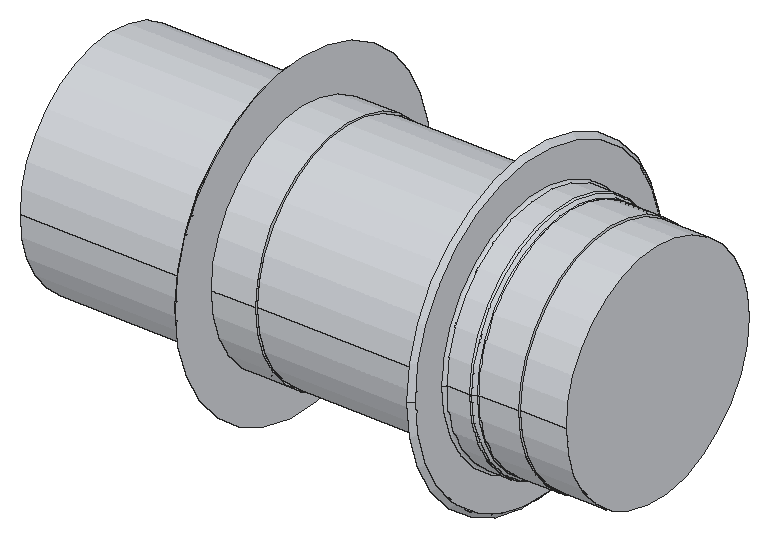
Revit family "holyoake-lr-fire-damper 350", category Duct Accessories, Revit 2021
Family settings
  Round Connector Dimension = Use Diameter
  Part Type = Breaks Into
  Work Plane-Based = No
  Always vertical = No
  Cut with Voids When Loaded = No
  Shared = No
Parameters (values of type "FO")
  Wall Thickness Parametric [instance] = if(Wall Thickness > Wall Thickness Maximum, Wall Thickness Maximum, Wall Thickness)  # 180 mm
  Wall Thickness Maximum = 295 mm
  Wall Thickness [instance] = 180 mm
  Wall Penetration Minimum [instance] = if(Diameter = 350 mm, 405 mm, 177 mm)  # 177 mm
  Wall Penetration Maximum [instance] = if(Diameter = 350 mm, 363 mm, 177 mm)  # 177 mm
  URL = "http://www.holyoake.com"
  Product Code [instance] = if(and(Diameter = 100 mm, and(Fire Smoke Actuator, Heat Shield)), "LR100FSH", if(and(Diameter = 100 mm, and(Fire Smoke Actuator, not(Heat Shield))), "LR100FSO", if(and(Diameter = 100 mm, and(not(Fire Smoke Actuator), Heat Shield)), "LR100FH", if(and(Diameter = 100 mm, and(not(Fire Smoke Actuator), not(Heat Shield))), "LR100FO", if(and(Diameter = 125 mm, and(Fire Smoke Actuator, Heat Shield)), "LR125FSH", if(and(Diameter = 125 mm, and(Fire Smoke Actuator, not(Heat Shield))), "LR125FSO", if(and(Diameter = 125 mm, and(not(Fire Smoke Actuator), Heat Shield)), "LR125FH", if(and(Diameter = 125 mm, and(not(Fire Smoke Actuator), not(Heat Shield))), "LR125FO", if(and(Diameter = 150 mm, and(Fire Smoke Actuator, Heat Shield)), "LR150FSH", if(and(Diameter = 150 mm, and(Fire Smoke Actuator, not(Heat Shield))), "LR150FSO", if(and(Diameter = 150 mm, and(not(Fire Smoke Actuator), Heat Shield)), "LR150FH", if(and(Diameter = 150 mm, and(not(Fire Smoke Actuator), not(Heat Shield))), "LR150FO", if(and(Diameter = 200 mm, and(Fire Smoke Actuator, Heat Shield)), "LR200FSH", if(and(Diameter = 200 mm, and(Fire Smoke Actuator, not(Heat Shield))), "LR200FSO", if(and(Diameter = 200 mm, and(not(Fire Smoke Actuator), Heat Shield)), "LR200FH", if(and(Diameter = 200 mm, and(not(Fire Smoke Actuator), not(Heat Shield))), "LR200FO", if(and(Diameter = 250 mm, and(Fire Smoke Actuator, Heat Shield)), "LR250FSH", if(and(Diameter = 250 mm, and(Fire Smoke Actuator, not(Heat Shield))), "LR250FSO", if(and(Diameter = 250 mm, and(not(Fire Smoke Actuator), Heat Shield)), "LR250FH", if(and(Diameter = 250 mm, and(not(Fire Smoke Actuator), not(Heat Shield))), "LR250FO", "Unknown"))))))))))))))))))))  # "LR250FO"
  Material - Flange = none
  Material - Body = none
  Manufacturer = "Holyoake"  # constant formula
  Length = 425 mm
  Heat Shield = no
  Fire Smoke Actuator = no
  Diameter [instance] = 250 mm
  Description = "LR Fire / Combination Fire and Smoke Dampers"  # constant formula
  Default Elevation = 0 mm
  Component Diameter [instance] = if(Diameter = 350 mm, 296 mm, 177 mm)  # 177 mm
  Available Sizes [instance] = "350mm"  # constant formula
Types (5, lengths in mm): name | Wall Thickness Parametric | Wall Thickness Maximum | Wall Thickness | Product Code | Fire Smoke Actuator | Diameter
  FSH | 180 | 295 | 180 | "LR100FO" | no | 100
  FSO | 210 | 210 | 349.712 | "LR100FSO" | yes | 100
  FH | 210 | 210 | 349.712 | "LR100FO" | no | 100
  FO | 180 | 295 | 180 | "LR250FO" | no | 250
  Holyoake LR | 210 | 210 | 349.712 | "LR150FO" | no | 150
Reference planes
  plane 1 "Center (Front/Back)": y = 0
  plane 2: z = 0
  plane 3 "Center (Left/Right)": x = 0
  plane 4: x = 180
  plane 5: x = -149
  plane 6: x = 276
  plane 7: x = 180
Forms (mm)
  Sweep 1, solid, material <- "Material - Body"
    path in 3D
      loop
        line (-149, 0, 0) -> (276, 0, 0)
    profile "Body Diameter : Type 1" origin (63.5, 0, 0) x (0, 1, 0) y (0, 0, 1)
      loop
        circle (0, 0) r 88.5
Lines and regions (mm)
  reference lines
    curve 1: line (-149, 0, 0) -> (276, 0, 0)
  sketch lines
    curve 2: line (-149, 0, 0) -> (276, 0, 0)
Dimensions and locks
  "Wall Thickness Parametric": plane 3 "Center (Left/Right)" to plane 4
  locked: plane 5 to plane 3 "Center (Left/Right)" at 149
  "Length": plane 5 to plane 6
  "Wall Thickness": plane 3 "Center (Left/Right)" to plane 7
  aligned and locked: level to plane 2
  aligned and locked: nested 2 to plane 1 "Center (Front/Back)"
  aligned and locked: plane 2 to nested 2
Automatic sketch dimensions
  plane 1 "Center (Front/Back)" to curve 1 = 0 mm
  curve 1 to plane 5 = 0 mm
  curve 1 to plane 6 = 0 mm
Nested families
  nested 1: "Wall Side 1" at (0, 0, 0) x (0, 1, 0) z (-1, 0, 0), type "Wall Side 1"
    with Diameter 177 mm
  nested 2: "Wall Side 2" at (180, 0, 0) x (0, 1, 0) z (-1, 0, 0), type "Wall Side 2"
    with Diameter 177 mm
Connectors
  hvac at (-149, 0, 0), driven by "Diameter"
    settings: on Sweep 1, index 1, duct flow 0.0 L/s, flow factor 0, pres drop 0.0 Pa, loss coef 0, conn angle 0.00°, conn width 304.8 mm, conn height 304.8 mm, conn diameter 250 mm, duct sys type 29, conn prof type 0, flow config 0, flow direction 0, loss method 0, conn ref index -1, conn util no, is conn primary yes, conn desc ""
  hvac at (276, 0, 0), driven by "Diameter"
    settings: on Sweep 1, index 2, duct flow 0.0 L/s, flow factor 0, pres drop 0.0 Pa, loss coef 0, conn angle 0.00°, conn width 304.8 mm, conn height 304.8 mm, conn diameter 250 mm, duct sys type 29, conn prof type 0, flow config 0, flow direction 0, loss method 0, conn ref index -1, conn util no, is conn primary no, conn desc ""
Definition of nested family "Wall Side 1"
  Parameters (values of type "Wall Side 1")
    Material = none
    Diameter = 120 mm
    Default Elevation = 1219.2 mm
  Reference planes
    plane 1 "Center (Front/Back)": y = 0
    plane 2: z = 0
    plane 3 "Center (Left/Right)": x = 0
    plane 4: x = -60
    plane 5: x = 60
    plane 6: y = 60
    plane 7: y = -60
  Forms (mm)
    Sweep 1, solid, material <- "Material"
      path in 3D
        loop
          arc (-60, 0, 0) -> (0, -60, 0) -> (60, 0, 0) r 60
          arc (60, 0, 0) -> (0, 60, 0) -> (-60, 0, 0) r 60
      profile "Collar : Collar" origin (0, 60, 0) x (0, -1, 0) y (0, 0, 1)
        loop
          line (0, 3.77) -> (-30.77, 3.77)
          arc (-30.77, 3.77) -> (-31.439, 3.637) -> (-32.006, 3.259) r 1.75
          line (-32.006, 3.259) -> (-35.265, 0) -> (-1.225, 0) -> (-1.225, -35.235) -> (0, -35.235) -> (0, 3.77)
  Lines and regions (mm)
    reference lines
      curve 1: circle (0, 0, 0) r 60 normal (0, 0, 1)
    sketch lines
      curve 2: circle (0, 0, 0) r 60 normal (0, 0, 1)
  Dimensions and locks
    equal spacing: plane 4, plane 3 "Center (Left/Right)", plane 5
    equal spacing: plane 6, plane 1 "Center (Front/Back)", plane 7
    "Diameter": plane 6 to plane 7
    "Diameter": plane 4 to plane 5
    "Diameter": diameter of curve 1
    aligned and locked: level to plane 2
    aligned and locked: plane 3 "Center (Left/Right)" to curve 1
    aligned and locked: plane 1 "Center (Front/Back)" to curve 1
Definition of nested family "Wall Side 2"
  Parameters (values of type "Wall Side 2")
    Material = none
    Diameter = 120 mm
    Default Elevation = 1219.2 mm
  Reference planes
    plane 1 "Center (Front/Back)": y = 0
    plane 2: z = 0
    plane 3 "Center (Left/Right)": x = 0
    plane 4: x = -60
    plane 5: x = 60
    plane 6: y = 60
    plane 7: y = -60
  Forms (mm)
    Sweep 1, solid, material <- "Material"
      path in 3D
        loop
          arc (-60, 0, 0) -> (0, -60, 0) -> (60, 0, 0) r 60
          arc (60, 0, 0) -> (0, 60, 0) -> (-60, 0, 0) r 60
      profile "Collar2 : Collar2" origin (0, 60, 0) x (0, -1, 0) y (0, 0, 1)
        loop
          line (0, 0) -> (-35.265, 0) -> (-31.509, -3.757) -> (-6.481, -3.757)
          arc (-6.481, -3.757) -> (-4.887, -4.414) -> (-4.226, -6.007) r 2.251
          line (-4.226, -6.007) -> (-4.226, -23.962)
          arc (-4.226, -23.962) -> (-4.055, -24.824) -> (-3.567, -25.554) r 2.251
          line (-3.567, -25.554) -> (-1.665, -27.456)
          arc (-1.665, -27.456) -> (-1.34, -27.943) -> (-1.225, -28.517) r 1.5
          line (-1.225, -28.517) -> (-1.225, -60.026) -> (0, -60.026) -> (0, 0)
  Lines and regions (mm)
    reference lines
      curve 1: circle (0, 0, 0) r 60 normal (0, 0, 1)
    sketch lines
      curve 2: circle (0, 0, 0) r 60 normal (0, 0, 1)
  Dimensions and locks
    equal spacing: plane 4, plane 3 "Center (Left/Right)", plane 5
    equal spacing: plane 6, plane 1 "Center (Front/Back)", plane 7
    "Diameter": plane 6 to plane 7
    "Diameter": plane 4 to plane 5
    "Diameter": diameter of curve 1
    aligned and locked: level to plane 2
    aligned and locked: plane 3 "Center (Left/Right)" to curve 1
    aligned and locked: plane 1 "Center (Front/Back)" to curve 1
